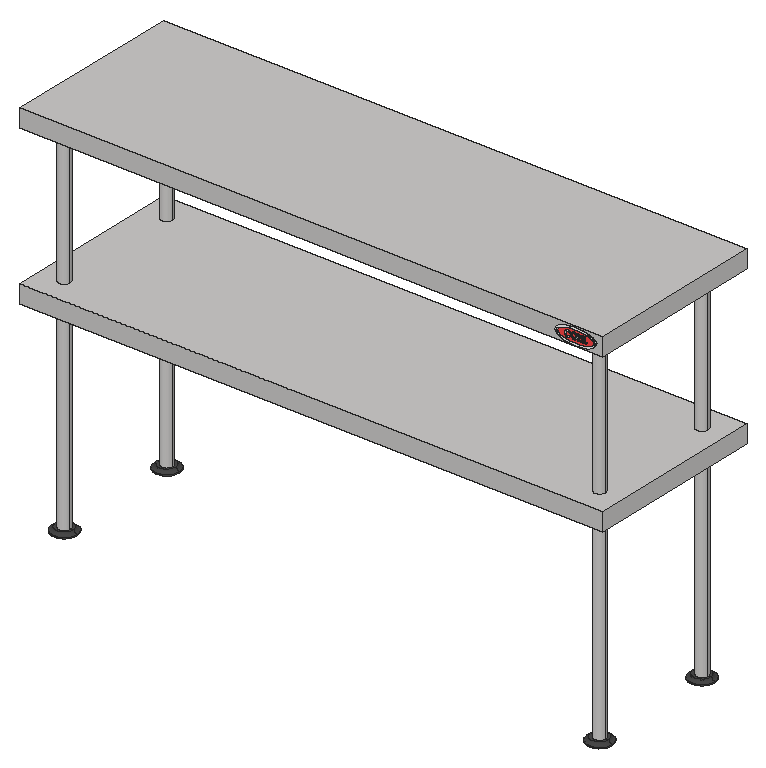
Revit family "QF_COZIL_PSC2-134", category Equipamento especial, Revit 2020
Family settings
  Cota do conector redondo = Utilizar diâmetro
  Tipo de parte = Normal
  Número OmniClass = 23.40.40.14
  Título OmniClass = Food Service Equipment
  Com base no plano de trabalho = Não
  Sempre na vertical = Sim
  Corte com vazios quando carregada = Não
  Compartilhado = Não
  Ponto de cálculo do ambiente = Não
Parameters (values of type "PSC2-134")
  Weight [instance] = 0.00 kg
  URL = "https://cozil.com.br/"
  Shelf  Thickness = 40.000 mm
  Second Shelf Height = 500.000 mm
  Modelo = "PSC2-134"
  Fabricante = "COZIL"
  Elevação padrão = 0.000 mm
  Descrição = "PRATELEIRA SUPERIOR LISA SOBRE MONTANTES"
  Type Comments = ""
  Masterspec [instance] = ""
  Length Actual = 1300.000 mm
  Identify Quantity as Lot [instance] = yes
  Height Actual = 850.000 mm
  Foodservice Equipment Identifier [instance] = yes
  Depth Actual = 400.000 mm
  CSI MasterFormat [instance] = ""
  Accessory [instance] = yes
Types (2, lengths in mm): name | Second Shelf Height
  (no name) | 460.000
  PSC2-134 | 500.000
Reference planes
  plane 1 "Centro (Frontal/Traseira)": y = 0
  plane 2: z = 0
  plane 3 "Centro (Esquerda/Direita)": x = 0
  plane 4: x = 650
  plane 5: y = 400
  plane 6: y = 342.7
  plane 7: y = 57.3
  plane 8: x = -650
  plane 9: x = -596.7
  plane 10: z = 500
  plane 11: z = 460
  plane 12: x = 596.7
  plane 13: z = 810
  plane 14: z = 850
Forms (mm)
  Extrusion 1, solid, material "QF_Stainless_Steel"
    sketch origin (-1562.01, -1503.5, 60) x (-1, 0, 0) y (0, -1, 0)
      loop
        circle (-965.31, -1846.2) r 12.7
      loop
        circle (-965.31, -1560.8) r 12.7
      loop
        circle (-2158.71, -1560.8) r 12.7
      loop
        circle (-2158.71, -1846.2) r 12.7
    from -52 to 750
  Extrusion 2, solid, material "QF_Stainless_Steel"
    sketch origin (0, -486.346, 810) x (-1, 0, 0) y (0, 1, 0)
      loop
        line (650, 886.346) -> (-650, 886.346) -> (-650, 486.346) -> (650, 486.346) -> (650, 886.346)
    from 0 to -40
  Extrusion 3, solid, material "QF_Stainless_Steel"
    sketch origin (4267.2, 808.306, 460) x (1, 0, 0) y (0, -1, 0)
      loop
        line (-4917.2, 408.306) -> (-3617.2, 408.306) -> (-3617.2, 808.306) -> (-4917.2, 808.306) -> (-4917.2, 408.306)
    from 0 to -40
Cuts and joins
  joined: Extrusion 1, Extrusion 3
Lines and regions (mm)
  symbolic lines
    curve 1: line (-650, 400, 0) -> (650, 400, 0)
    curve 2: line (650, 400, 0) -> (650, 0, 0)
    curve 3: line (650, 0, 0) -> (-650, 0, 0)
    curve 4: line (-650, 0, 0) -> (-650, 400, 0)
Dimensions and locks
  "Depth Actual": plane 1 "Centro (Frontal/Traseira)" to plane 5
  equal spacing: plane 8, plane 3 "Centro (Esquerda/Direita)", plane 4
  "Length Actual": plane 8 to plane 4
  locked: plane 1 "Centro (Frontal/Traseira)" to plane 7 at 57.3
  plane 12 to plane 4 = 53.300 mm
  "Height Actual": level to plane 14
  locked: plane 12 to plane 4 at 53.3
  locked: plane 8 to plane 9 at 53.3
  locked: nested 1 to plane 4 at 60
  locked: plane 6 to plane 5 at 57.3
  "Shelf  Thickness": plane 13 to plane 14
  "Second Shelf Height": plane 10 to level
  "Shelf  Thickness": plane 11 to plane 10
  locked: plane 14 to nested 1 at 13
  locked: Extrusion 1 sketch curve to plane 9  (x2)
  aligned and locked: level to plane 2
  aligned and locked: Extrusion 2 sketch curve to curve 1
  aligned and locked: Extrusion 2 sketch curve to curve 4
  aligned and locked: Extrusion 2 sketch curve to curve 3
  aligned and locked: Extrusion 2 sketch curve to curve 2
  aligned and locked: Extrusion 2 to plane 14
  aligned and locked: nested 4 to plane 9
  aligned and locked: plane 6 to nested 4
  aligned and locked: plane 6 to nested 5
  aligned and locked: nested 5 to plane 12
  aligned and locked: nested 3 to plane 12
  aligned and locked: plane 7 to nested 3
  aligned and locked: nested 2 to plane 9
  aligned and locked: plane 7 to nested 2
  aligned and locked: Extrusion 1 to plane 13
  aligned and locked: Extrusion 3 sketch curve to curve 1
  aligned and locked: Extrusion 3 sketch curve to curve 4
  aligned and locked: Extrusion 3 sketch curve to curve 3
  aligned and locked: Extrusion 3 sketch curve to curve 2
  aligned and locked: plane 10 to Extrusion 3
  aligned and locked: plane 11 to Extrusion 3
  aligned and locked: level to nested 3
  aligned and locked: cut or joined group of Extrusion 1, Extrusion 3 to nested 5
Automatic sketch dimensions
  plane 1 "Centro (Frontal/Traseira)" to curve 3 = 0.000 mm
  plane 5 to curve 2 = 0.000 mm
  curve 4 to plane 8 = 0.000 mm
  curve 3 to plane 4 = 0.000 mm
  plane 6 to Extrusion 1 sketch curve = 0.000 mm  (x2)
  plane 7 to Extrusion 1 sketch curve = 0.000 mm  (x2)
  Extrusion 1 sketch curve to plane 12 = 0.000 mm  (x2)
  radius of Extrusion 1 sketch curve = 12.700 mm  (x4)
Nested families
  nested 1: "LOGOTIPO COZIL" at (590, 0, 830.104), type "LOGOTIPO COZIL"
    with Weight 0.00 kg, Watts 0 W, Waste Water Discharge Temperature -273.15 °C, Waste Remarks "", Warranty Start Date "", Warranty Duration "", Volts 0 V, Volt Free Conn yes, Ventilation Remarks "", URL Recommended Spares List "", URL Manufacturer "", URL Cutsheet "", URL Critical Spares List "", Technical Documentation "", Tag Number "", Steam type "", Steam Supply Volume 0.0 L/s, Steam Supply Size 0 mm, Steam Supply RI Height 0.000 mm, Steam Supply Minimum Pressure 0.0 Pa, Steam Supply Maximum Pressure 0.0 Pa, Steam Supply Connection Height 0.000 mm, Steam Remarks "", Steam Pounds per Hour 0, Status "", Start Up Current 0 A, Specification by User "", Specification by Manufacturer "", Sound Level "", Solid Fuel Type "", Show Logo yes, Show Clearances yes, Service Life Duration "", Serial Number "", Sensible Heat Output 0 W, Seismic Rating "", SMACNA No "", Revision Code "", Revision "", Refrigeration Working Pressure 0.0 Pa, Refrigeration Suction Line Size 0 mm, Refrigeration Liquid Line Size 0 mm, Refrigeration Evaporation Temperature -273.15 °C, Refrigeration Energy Efficiency Index "", Refrigeration Defrost Drain yes, Refrigeration Climate Class "", Refrigerant Type "", Refrigerant Mass 0, Refrigerant Flow 0.0 L/s, Refrigerant Compressor Remote yes, Production Year "", Preheated Hot Water Temperature Recommended -273.15 °C, Preheated Hot Water Size 0 mm, Preheated Hot Water RI Height 0.000 mm, Preheated Hot Water Quality "", Preheated Hot Water Minimum Pressure 0.0 Pa, Preheated Hot Water Maximum Pressure 0.0 Pa, Preheated Hot Water Flow 0.0 L/s, Preheated Hot Water Connection Height 0.000 mm, Potential Equalisation yes, Point Load 0, Plumbing Remarks "", Plumbing Connection Type "", Phase 0, Other Equipment Approvals "", Operational Current 0 A, Odor Trap Included yes, Number of Poles 1, No Load Power Draw yes, National Water Regulation Certification yes, NAFEM Spec ID Number "", Model Warning "", Min Ckt Ampacity 0 A, Mechanical Remarks "", Mechanical Connection Type "", Max Overcurrent Protection 0 A, Masterspec "", Main switch integrated yes, MU Air Volume 0.0 L/s, MU Air Vent Width 0.000 mm, MU Air Vent Diameter 0.000 mm, MU Air Vent Depth 0.000 mm, MU Air Static Press 0.0 Pa, MU Air Speed at Spigot 0.0 L/s, MU Air RI Height 0.000 mm, Length Actual 0.000 mm, Latent Heat Output 0 W, Item Number "", Installed By "", Installation Date "", Ingress Protection Code "", Indirect Waste Size 0 mm, Indirect Waste Flow 0.0 L/s, Indirect Waste Connection Type "", Indirect Waste Connection Height 0.000 mm, Identify Quantity as Lot yes, ID "", Hygiene Approval "", Hot Water Temperature -273.15 °C, Hot Water Supply Temperature -273.15 °C, Hot Water Size 0 mm, Hot Water RI Height 0.000 mm, Hot Water Quality "", Hot Water Minimum Pressure 0.0 Pa, Hot Water Maximum Pressure 0.0 Pa, Hot Water Flow 0.0 L/s, Hot Water Consumption "", Hot Water Connection Height 0.000 mm, Height Actual 0.000 mm, HP "", Gas Size Flexible 0 mm, Gas Size Fixed 0 mm, Gas Size 0 mm, Gas RI Height 0.000 mm, Gas Input 0 W, Gas Flow 0.0 L/s, Gas Connection Height 0.000 mm, Furnished By "", Fuel Type "", Foodservice Equipment Identifier yes, Flue Type "", Filtered Treated Water Supply Size 0 mm, Filtered Treated Water Recommended Temperature -273.15 °C, Filtered Treated Water RI Height 0.000 mm, Filtered Treated Water Quality "", Filtered Treated Water Minimum Pressure 0.0 Pa, Filtered Treated Water Maximum Pressure 0.0 Pa, Filtered Treated Water Flow 0.0 L/s, Filtered Treated Water Consumption "", Filtered Treated Water Connection Height 0.000 mm, FL Amps 0 A, Exhaust Volume 0.0 L/s, Exhaust Vent Width 0.000 mm, Exhaust Vent Height 0.000 mm, Exhaust Vent Diameter 0.000 mm, Exhaust Vent Depth 0.000 mm, Exhaust Static Press 0.0 Pa, Exhaust Speed at Spigot 0.0 L/s, Exhaust RI Height 0.000 mm, Exhaust Air Temperature -273.15 °C, Exhaust Air Humidity 0, Energy Efficiency Labelling "", Electrical Remarks "", Electric Connection Type "", Elec Conn RI Height 0.000 mm, Elec Conn Connection Height 0.000 mm, Earth Leakage Switch necessary yes, Earth Leakage Switch Type "", ETL Approved yes, Direct Waste Size 0 mm, Direct Waste RI Height 0.000 mm, Direct Waste Flow 0.0 L/s, Direct Waste Connection Height 0.000 mm, Direct Heat Output 0 W, Digital Connectivity Description "", Depth Actual 0.000 mm, Cycle 0 Hz, Connection to energy optimisation system yes, Conn Plug "", Conn Conduit yes, Condensate Return Size 0 mm, Condensate Return RI Height 0.000 mm, Condensate Return Connection Height 0.000 mm, Compressed Air Volume 0.0 L/s, Compressed Air Size 0 mm, Compressed Air RI Height 0.000 mm, Compressed Air Quality "", Compressed Air Pressure 0.0 Pa, Compressed Air Connection Height 0.000 mm, Cold Water Temperature Recommended -273.15 °C, Cold Water Size 0 mm, Cold Water RI Height 0.000 mm, Cold Water Quality "", Cold Water Minimum Pressure 0.0 Pa, Cold Water Maximum Pressure 0.0 Pa, Cold Water Flow 0.0 L/s, Cold Water Consumption "", Cold Water Connection Height 0.000 mm, Chilled Water Temperature -273.15 °C, Chilled Water Supply Size 0 mm, Chilled Water Supply RI Height 0.000 mm, Chilled Water Supply Quality "", Chilled Water Supply Maximum Temperature -273.15 °C, Chilled Water Supply Connection Height 0.000 mm, Chilled Water Return Size 0 mm, Chilled Water Return RI Height 0.000 mm, Chilled Water Return Minimum Pressure 0.0 Pa, Chilled Water Return Maximum Pressure 0.0 Pa, Chilled Water Return Connection Height 0.000 mm, Chilled Water Minimum Pressure 0.0 Pa, Chilled Water Maximum Pressure 0.0 Pa, Chilled Water Flow 0.0 L/s, CSI MasterFormat "", CO2 Volume 0.0 L/s, CO2 Size 0 mm, CO2 RI Height 0.000 mm, CO2 Pressure 0.0 Pa, CO2 Connection Height 0.000 mm, CE Approved yes, Barcode "", BTUH 0 W, Author "", Asset Identifier "", Apparent Power 0 VA, Accessory yes, Ability for Digital Connectivity yes
  nested 2: "PE DE APOIO MONTANTE" at (-596.7, 57.3, 0), type "PE DE APOIO MONTANTE"
    with Weight 0.00 kg, Watts 0 W, Waste Water Discharge Temperature -273.15 °C, Waste Remarks "", Warranty Start Date "", Warranty Duration "", Volts 0 V, Volt Free Conn yes, Ventilation Remarks "", URL Recommended Spares List "", URL Manufacturer "", URL Cutsheet "", URL Critical Spares List "", Technical Documentation "", Tag Number "", Steam type "", Steam Supply Volume 0.0 L/s, Steam Supply Size 0 mm, Steam Supply RI Height 0.000 mm, Steam Supply Minimum Pressure 0.0 Pa, Steam Supply Maximum Pressure 0.0 Pa, Steam Supply Connection Height 0.000 mm, Steam Remarks "", Steam Pounds per Hour 0, Status "", Start Up Current 0 A, Specification by User "", Specification by Manufacturer "", Sound Level "", Solid Fuel Type "", Show Logo yes, Show Clearances yes, Service Life Duration "", Serial Number "", Sensible Heat Output 0 W, Seismic Rating "", SMACNA No "", Revision Code "", Revision "", Refrigeration Working Pressure 0.0 Pa, Refrigeration Suction Line Size 0 mm, Refrigeration Liquid Line Size 0 mm, Refrigeration Evaporation Temperature -273.15 °C, Refrigeration Energy Efficiency Index "", Refrigeration Defrost Drain yes, Refrigeration Climate Class "", Refrigerant Type "", Refrigerant Mass 0, Refrigerant Flow 0.0 L/s, Refrigerant Compressor Remote yes, Production Year "", Preheated Hot Water Temperature Recommended -273.15 °C, Preheated Hot Water Size 0 mm, Preheated Hot Water RI Height 0.000 mm, Preheated Hot Water Quality "", Preheated Hot Water Minimum Pressure 0.0 Pa, Preheated Hot Water Maximum Pressure 0.0 Pa, Preheated Hot Water Flow 0.0 L/s, Preheated Hot Water Connection Height 0.000 mm, Potential Equalisation yes, Point Load 0, Plumbing Remarks "", Plumbing Connection Type "", Phase 0, Other Equipment Approvals "", Operational Current 0 A, Odor Trap Included yes, Number of Poles 1, No Load Power Draw yes, National Water Regulation Certification yes, NAFEM Spec ID Number "", Model Warning "", Min Ckt Ampacity 0 A, Mechanical Remarks "", Mechanical Connection Type "", Max Overcurrent Protection 0 A, Masterspec "", Main switch integrated yes, MU Air Volume 0.0 L/s, MU Air Vent Width 0.000 mm, MU Air Vent Diameter 0.000 mm, MU Air Vent Depth 0.000 mm, MU Air Static Press 0.0 Pa, MU Air Speed at Spigot 0.0 L/s, MU Air RI Height 0.000 mm, Length Actual 0.000 mm, Latent Heat Output 0 W, Item Number "", Installed By "", Installation Date "", Ingress Protection Code "", Indirect Waste Size 0 mm, Indirect Waste Flow 0.0 L/s, Indirect Waste Connection Type "", Indirect Waste Connection Height 0.000 mm, Identify Quantity as Lot yes, ID "", Hygiene Approval "", Hot Water Temperature -273.15 °C, Hot Water Supply Temperature -273.15 °C, Hot Water Size 0 mm, Hot Water RI Height 0.000 mm, Hot Water Quality "", Hot Water Minimum Pressure 0.0 Pa, Hot Water Maximum Pressure 0.0 Pa, Hot Water Flow 0.0 L/s, Hot Water Consumption "", Hot Water Connection Height 0.000 mm, Height Actual 0.000 mm, HP "", Gas Size Flexible 0 mm, Gas Size Fixed 0 mm, Gas Size 0 mm, Gas RI Height 0.000 mm, Gas Input 0 W, Gas Flow 0.0 L/s, Gas Connection Height 0.000 mm, Furnished By "", Fuel Type "", Foodservice Equipment Identifier yes, Flue Type "", Filtered Treated Water Supply Size 0 mm, Filtered Treated Water Recommended Temperature -273.15 °C, Filtered Treated Water RI Height 0.000 mm, Filtered Treated Water Quality "", Filtered Treated Water Minimum Pressure 0.0 Pa, Filtered Treated Water Maximum Pressure 0.0 Pa, Filtered Treated Water Flow 0.0 L/s, Filtered Treated Water Consumption "", Filtered Treated Water Connection Height 0.000 mm, FL Amps 0 A, Exhaust Volume 0.0 L/s, Exhaust Vent Width 0.000 mm, Exhaust Vent Height 0.000 mm, Exhaust Vent Diameter 0.000 mm, Exhaust Vent Depth 0.000 mm, Exhaust Static Press 0.0 Pa, Exhaust Speed at Spigot 0.0 L/s, Exhaust RI Height 0.000 mm, Exhaust Air Temperature -273.15 °C, Exhaust Air Humidity 0, Energy Efficiency Labelling "", Electrical Remarks "", Electric Connection Type "", Elec Conn RI Height 0.000 mm, Elec Conn Connection Height 0.000 mm, Earth Leakage Switch necessary yes, Earth Leakage Switch Type "", ETL Approved yes, Direct Waste Size 0 mm, Direct Waste RI Height 0.000 mm, Direct Waste Flow 0.0 L/s, Direct Waste Connection Height 0.000 mm, Direct Heat Output 0 W, Digital Connectivity Description "", Depth Actual 0.000 mm, Cycle 0 Hz, Connection to energy optimisation system yes, Conn Plug "", Conn Conduit yes, Condensate Return Size 0 mm, Condensate Return RI Height 0.000 mm, Condensate Return Connection Height 0.000 mm, Compressed Air Volume 0.0 L/s, Compressed Air Size 0 mm, Compressed Air RI Height 0.000 mm, Compressed Air Quality "", Compressed Air Pressure 0.0 Pa, Compressed Air Connection Height 0.000 mm, Cold Water Temperature Recommended -273.15 °C, Cold Water Size 0 mm, Cold Water RI Height 0.000 mm, Cold Water Quality "", Cold Water Minimum Pressure 0.0 Pa, Cold Water Maximum Pressure 0.0 Pa, Cold Water Flow 0.0 L/s, Cold Water Consumption "", Cold Water Connection Height 0.000 mm, Chilled Water Temperature -273.15 °C, Chilled Water Supply Size 0 mm, Chilled Water Supply RI Height 0.000 mm, Chilled Water Supply Quality "", Chilled Water Supply Maximum Temperature -273.15 °C, Chilled Water Supply Connection Height 0.000 mm, Chilled Water Return Size 0 mm, Chilled Water Return RI Height 0.000 mm, Chilled Water Return Minimum Pressure 0.0 Pa, Chilled Water Return Maximum Pressure 0.0 Pa, Chilled Water Return Connection Height 0.000 mm, Chilled Water Minimum Pressure 0.0 Pa, Chilled Water Maximum Pressure 0.0 Pa, Chilled Water Flow 0.0 L/s, CSI MasterFormat "", CO2 Volume 0.0 L/s, CO2 Size 0 mm, CO2 RI Height 0.000 mm, CO2 Pressure 0.0 Pa, CO2 Connection Height 0.000 mm, CE Approved yes, Barcode "", BTUH 0 W, Author "", Asset Identifier "", Apparent Power 0 VA, Accessory yes, Ability for Digital Connectivity yes
  nested 3: "PE DE APOIO MONTANTE" at (596.7, 57.3, 0), type "PE DE APOIO MONTANTE"
    with Weight 0.00 kg, Watts 0 W, Waste Water Discharge Temperature -273.15 °C, Waste Remarks "", Warranty Start Date "", Warranty Duration "", Volts 0 V, Volt Free Conn yes, Ventilation Remarks "", URL Recommended Spares List "", URL Manufacturer "", URL Cutsheet "", URL Critical Spares List "", Technical Documentation "", Tag Number "", Steam type "", Steam Supply Volume 0.0 L/s, Steam Supply Size 0 mm, Steam Supply RI Height 0.000 mm, Steam Supply Minimum Pressure 0.0 Pa, Steam Supply Maximum Pressure 0.0 Pa, Steam Supply Connection Height 0.000 mm, Steam Remarks "", Steam Pounds per Hour 0, Status "", Start Up Current 0 A, Specification by User "", Specification by Manufacturer "", Sound Level "", Solid Fuel Type "", Show Logo yes, Show Clearances yes, Service Life Duration "", Serial Number "", Sensible Heat Output 0 W, Seismic Rating "", SMACNA No "", Revision Code "", Revision "", Refrigeration Working Pressure 0.0 Pa, Refrigeration Suction Line Size 0 mm, Refrigeration Liquid Line Size 0 mm, Refrigeration Evaporation Temperature -273.15 °C, Refrigeration Energy Efficiency Index "", Refrigeration Defrost Drain yes, Refrigeration Climate Class "", Refrigerant Type "", Refrigerant Mass 0, Refrigerant Flow 0.0 L/s, Refrigerant Compressor Remote yes, Production Year "", Preheated Hot Water Temperature Recommended -273.15 °C, Preheated Hot Water Size 0 mm, Preheated Hot Water RI Height 0.000 mm, Preheated Hot Water Quality "", Preheated Hot Water Minimum Pressure 0.0 Pa, Preheated Hot Water Maximum Pressure 0.0 Pa, Preheated Hot Water Flow 0.0 L/s, Preheated Hot Water Connection Height 0.000 mm, Potential Equalisation yes, Point Load 0, Plumbing Remarks "", Plumbing Connection Type "", Phase 0, Other Equipment Approvals "", Operational Current 0 A, Odor Trap Included yes, Number of Poles 1, No Load Power Draw yes, National Water Regulation Certification yes, NAFEM Spec ID Number "", Model Warning "", Min Ckt Ampacity 0 A, Mechanical Remarks "", Mechanical Connection Type "", Max Overcurrent Protection 0 A, Masterspec "", Main switch integrated yes, MU Air Volume 0.0 L/s, MU Air Vent Width 0.000 mm, MU Air Vent Diameter 0.000 mm, MU Air Vent Depth 0.000 mm, MU Air Static Press 0.0 Pa, MU Air Speed at Spigot 0.0 L/s, MU Air RI Height 0.000 mm, Length Actual 0.000 mm, Latent Heat Output 0 W, Item Number "", Installed By "", Installation Date "", Ingress Protection Code "", Indirect Waste Size 0 mm, Indirect Waste Flow 0.0 L/s, Indirect Waste Connection Type "", Indirect Waste Connection Height 0.000 mm, Identify Quantity as Lot yes, ID "", Hygiene Approval "", Hot Water Temperature -273.15 °C, Hot Water Supply Temperature -273.15 °C, Hot Water Size 0 mm, Hot Water RI Height 0.000 mm, Hot Water Quality "", Hot Water Minimum Pressure 0.0 Pa, Hot Water Maximum Pressure 0.0 Pa, Hot Water Flow 0.0 L/s, Hot Water Consumption "", Hot Water Connection Height 0.000 mm, Height Actual 0.000 mm, HP "", Gas Size Flexible 0 mm, Gas Size Fixed 0 mm, Gas Size 0 mm, Gas RI Height 0.000 mm, Gas Input 0 W, Gas Flow 0.0 L/s, Gas Connection Height 0.000 mm, Furnished By "", Fuel Type "", Foodservice Equipment Identifier yes, Flue Type "", Filtered Treated Water Supply Size 0 mm, Filtered Treated Water Recommended Temperature -273.15 °C, Filtered Treated Water RI Height 0.000 mm, Filtered Treated Water Quality "", Filtered Treated Water Minimum Pressure 0.0 Pa, Filtered Treated Water Maximum Pressure 0.0 Pa, Filtered Treated Water Flow 0.0 L/s, Filtered Treated Water Consumption "", Filtered Treated Water Connection Height 0.000 mm, FL Amps 0 A, Exhaust Volume 0.0 L/s, Exhaust Vent Width 0.000 mm, Exhaust Vent Height 0.000 mm, Exhaust Vent Diameter 0.000 mm, Exhaust Vent Depth 0.000 mm, Exhaust Static Press 0.0 Pa, Exhaust Speed at Spigot 0.0 L/s, Exhaust RI Height 0.000 mm, Exhaust Air Temperature -273.15 °C, Exhaust Air Humidity 0, Energy Efficiency Labelling "", Electrical Remarks "", Electric Connection Type "", Elec Conn RI Height 0.000 mm, Elec Conn Connection Height 0.000 mm, Earth Leakage Switch necessary yes, Earth Leakage Switch Type "", ETL Approved yes, Direct Waste Size 0 mm, Direct Waste RI Height 0.000 mm, Direct Waste Flow 0.0 L/s, Direct Waste Connection Height 0.000 mm, Direct Heat Output 0 W, Digital Connectivity Description "", Depth Actual 0.000 mm, Cycle 0 Hz, Connection to energy optimisation system yes, Conn Plug "", Conn Conduit yes, Condensate Return Size 0 mm, Condensate Return RI Height 0.000 mm, Condensate Return Connection Height 0.000 mm, Compressed Air Volume 0.0 L/s, Compressed Air Size 0 mm, Compressed Air RI Height 0.000 mm, Compressed Air Quality "", Compressed Air Pressure 0.0 Pa, Compressed Air Connection Height 0.000 mm, Cold Water Temperature Recommended -273.15 °C, Cold Water Size 0 mm, Cold Water RI Height 0.000 mm, Cold Water Quality "", Cold Water Minimum Pressure 0.0 Pa, Cold Water Maximum Pressure 0.0 Pa, Cold Water Flow 0.0 L/s, Cold Water Consumption "", Cold Water Connection Height 0.000 mm, Chilled Water Temperature -273.15 °C, Chilled Water Supply Size 0 mm, Chilled Water Supply RI Height 0.000 mm, Chilled Water Supply Quality "", Chilled Water Supply Maximum Temperature -273.15 °C, Chilled Water Supply Connection Height 0.000 mm, Chilled Water Return Size 0 mm, Chilled Water Return RI Height 0.000 mm, Chilled Water Return Minimum Pressure 0.0 Pa, Chilled Water Return Maximum Pressure 0.0 Pa, Chilled Water Return Connection Height 0.000 mm, Chilled Water Minimum Pressure 0.0 Pa, Chilled Water Maximum Pressure 0.0 Pa, Chilled Water Flow 0.0 L/s, CSI MasterFormat "", CO2 Volume 0.0 L/s, CO2 Size 0 mm, CO2 RI Height 0.000 mm, CO2 Pressure 0.0 Pa, CO2 Connection Height 0.000 mm, CE Approved yes, Barcode "", BTUH 0 W, Author "", Asset Identifier "", Apparent Power 0 VA, Accessory yes, Ability for Digital Connectivity yes
  nested 4: "PE DE APOIO MONTANTE" at (-596.7, 342.7, 0), type "PE DE APOIO MONTANTE"
    with Weight 0.00 kg, Watts 0 W, Waste Water Discharge Temperature -273.15 °C, Waste Remarks "", Warranty Start Date "", Warranty Duration "", Volts 0 V, Volt Free Conn yes, Ventilation Remarks "", URL Recommended Spares List "", URL Manufacturer "", URL Cutsheet "", URL Critical Spares List "", Technical Documentation "", Tag Number "", Steam type "", Steam Supply Volume 0.0 L/s, Steam Supply Size 0 mm, Steam Supply RI Height 0.000 mm, Steam Supply Minimum Pressure 0.0 Pa, Steam Supply Maximum Pressure 0.0 Pa, Steam Supply Connection Height 0.000 mm, Steam Remarks "", Steam Pounds per Hour 0, Status "", Start Up Current 0 A, Specification by User "", Specification by Manufacturer "", Sound Level "", Solid Fuel Type "", Show Logo yes, Show Clearances yes, Service Life Duration "", Serial Number "", Sensible Heat Output 0 W, Seismic Rating "", SMACNA No "", Revision Code "", Revision "", Refrigeration Working Pressure 0.0 Pa, Refrigeration Suction Line Size 0 mm, Refrigeration Liquid Line Size 0 mm, Refrigeration Evaporation Temperature -273.15 °C, Refrigeration Energy Efficiency Index "", Refrigeration Defrost Drain yes, Refrigeration Climate Class "", Refrigerant Type "", Refrigerant Mass 0, Refrigerant Flow 0.0 L/s, Refrigerant Compressor Remote yes, Production Year "", Preheated Hot Water Temperature Recommended -273.15 °C, Preheated Hot Water Size 0 mm, Preheated Hot Water RI Height 0.000 mm, Preheated Hot Water Quality "", Preheated Hot Water Minimum Pressure 0.0 Pa, Preheated Hot Water Maximum Pressure 0.0 Pa, Preheated Hot Water Flow 0.0 L/s, Preheated Hot Water Connection Height 0.000 mm, Potential Equalisation yes, Point Load 0, Plumbing Remarks "", Plumbing Connection Type "", Phase 0, Other Equipment Approvals "", Operational Current 0 A, Odor Trap Included yes, Number of Poles 1, No Load Power Draw yes, National Water Regulation Certification yes, NAFEM Spec ID Number "", Model Warning "", Min Ckt Ampacity 0 A, Mechanical Remarks "", Mechanical Connection Type "", Max Overcurrent Protection 0 A, Masterspec "", Main switch integrated yes, MU Air Volume 0.0 L/s, MU Air Vent Width 0.000 mm, MU Air Vent Diameter 0.000 mm, MU Air Vent Depth 0.000 mm, MU Air Static Press 0.0 Pa, MU Air Speed at Spigot 0.0 L/s, MU Air RI Height 0.000 mm, Length Actual 0.000 mm, Latent Heat Output 0 W, Item Number "", Installed By "", Installation Date "", Ingress Protection Code "", Indirect Waste Size 0 mm, Indirect Waste Flow 0.0 L/s, Indirect Waste Connection Type "", Indirect Waste Connection Height 0.000 mm, Identify Quantity as Lot yes, ID "", Hygiene Approval "", Hot Water Temperature -273.15 °C, Hot Water Supply Temperature -273.15 °C, Hot Water Size 0 mm, Hot Water RI Height 0.000 mm, Hot Water Quality "", Hot Water Minimum Pressure 0.0 Pa, Hot Water Maximum Pressure 0.0 Pa, Hot Water Flow 0.0 L/s, Hot Water Consumption "", Hot Water Connection Height 0.000 mm, Height Actual 0.000 mm, HP "", Gas Size Flexible 0 mm, Gas Size Fixed 0 mm, Gas Size 0 mm, Gas RI Height 0.000 mm, Gas Input 0 W, Gas Flow 0.0 L/s, Gas Connection Height 0.000 mm, Furnished By "", Fuel Type "", Foodservice Equipment Identifier yes, Flue Type "", Filtered Treated Water Supply Size 0 mm, Filtered Treated Water Recommended Temperature -273.15 °C, Filtered Treated Water RI Height 0.000 mm, Filtered Treated Water Quality "", Filtered Treated Water Minimum Pressure 0.0 Pa, Filtered Treated Water Maximum Pressure 0.0 Pa, Filtered Treated Water Flow 0.0 L/s, Filtered Treated Water Consumption "", Filtered Treated Water Connection Height 0.000 mm, FL Amps 0 A, Exhaust Volume 0.0 L/s, Exhaust Vent Width 0.000 mm, Exhaust Vent Height 0.000 mm, Exhaust Vent Diameter 0.000 mm, Exhaust Vent Depth 0.000 mm, Exhaust Static Press 0.0 Pa, Exhaust Speed at Spigot 0.0 L/s, Exhaust RI Height 0.000 mm, Exhaust Air Temperature -273.15 °C, Exhaust Air Humidity 0, Energy Efficiency Labelling "", Electrical Remarks "", Electric Connection Type "", Elec Conn RI Height 0.000 mm, Elec Conn Connection Height 0.000 mm, Earth Leakage Switch necessary yes, Earth Leakage Switch Type "", ETL Approved yes, Direct Waste Size 0 mm, Direct Waste RI Height 0.000 mm, Direct Waste Flow 0.0 L/s, Direct Waste Connection Height 0.000 mm, Direct Heat Output 0 W, Digital Connectivity Description "", Depth Actual 0.000 mm, Cycle 0 Hz, Connection to energy optimisation system yes, Conn Plug "", Conn Conduit yes, Condensate Return Size 0 mm, Condensate Return RI Height 0.000 mm, Condensate Return Connection Height 0.000 mm, Compressed Air Volume 0.0 L/s, Compressed Air Size 0 mm, Compressed Air RI Height 0.000 mm, Compressed Air Quality "", Compressed Air Pressure 0.0 Pa, Compressed Air Connection Height 0.000 mm, Cold Water Temperature Recommended -273.15 °C, Cold Water Size 0 mm, Cold Water RI Height 0.000 mm, Cold Water Quality "", Cold Water Minimum Pressure 0.0 Pa, Cold Water Maximum Pressure 0.0 Pa, Cold Water Flow 0.0 L/s, Cold Water Consumption "", Cold Water Connection Height 0.000 mm, Chilled Water Temperature -273.15 °C, Chilled Water Supply Size 0 mm, Chilled Water Supply RI Height 0.000 mm, Chilled Water Supply Quality "", Chilled Water Supply Maximum Temperature -273.15 °C, Chilled Water Supply Connection Height 0.000 mm, Chilled Water Return Size 0 mm, Chilled Water Return RI Height 0.000 mm, Chilled Water Return Minimum Pressure 0.0 Pa, Chilled Water Return Maximum Pressure 0.0 Pa, Chilled Water Return Connection Height 0.000 mm, Chilled Water Minimum Pressure 0.0 Pa, Chilled Water Maximum Pressure 0.0 Pa, Chilled Water Flow 0.0 L/s, CSI MasterFormat "", CO2 Volume 0.0 L/s, CO2 Size 0 mm, CO2 RI Height 0.000 mm, CO2 Pressure 0.0 Pa, CO2 Connection Height 0.000 mm, CE Approved yes, Barcode "", BTUH 0 W, Author "", Asset Identifier "", Apparent Power 0 VA, Accessory yes, Ability for Digital Connectivity yes
  nested 5: "PE DE APOIO MONTANTE" at (596.7, 342.7, 0), type "PE DE APOIO MONTANTE"
    with Weight 0.00 kg, Watts 0 W, Waste Water Discharge Temperature -273.15 °C, Waste Remarks "", Warranty Start Date "", Warranty Duration "", Volts 0 V, Volt Free Conn yes, Ventilation Remarks "", URL Recommended Spares List "", URL Manufacturer "", URL Cutsheet "", URL Critical Spares List "", Technical Documentation "", Tag Number "", Steam type "", Steam Supply Volume 0.0 L/s, Steam Supply Size 0 mm, Steam Supply RI Height 0.000 mm, Steam Supply Minimum Pressure 0.0 Pa, Steam Supply Maximum Pressure 0.0 Pa, Steam Supply Connection Height 0.000 mm, Steam Remarks "", Steam Pounds per Hour 0, Status "", Start Up Current 0 A, Specification by User "", Specification by Manufacturer "", Sound Level "", Solid Fuel Type "", Show Logo yes, Show Clearances yes, Service Life Duration "", Serial Number "", Sensible Heat Output 0 W, Seismic Rating "", SMACNA No "", Revision Code "", Revision "", Refrigeration Working Pressure 0.0 Pa, Refrigeration Suction Line Size 0 mm, Refrigeration Liquid Line Size 0 mm, Refrigeration Evaporation Temperature -273.15 °C, Refrigeration Energy Efficiency Index "", Refrigeration Defrost Drain yes, Refrigeration Climate Class "", Refrigerant Type "", Refrigerant Mass 0, Refrigerant Flow 0.0 L/s, Refrigerant Compressor Remote yes, Production Year "", Preheated Hot Water Temperature Recommended -273.15 °C, Preheated Hot Water Size 0 mm, Preheated Hot Water RI Height 0.000 mm, Preheated Hot Water Quality "", Preheated Hot Water Minimum Pressure 0.0 Pa, Preheated Hot Water Maximum Pressure 0.0 Pa, Preheated Hot Water Flow 0.0 L/s, Preheated Hot Water Connection Height 0.000 mm, Potential Equalisation yes, Point Load 0, Plumbing Remarks "", Plumbing Connection Type "", Phase 0, Other Equipment Approvals "", Operational Current 0 A, Odor Trap Included yes, Number of Poles 1, No Load Power Draw yes, National Water Regulation Certification yes, NAFEM Spec ID Number "", Model Warning "", Min Ckt Ampacity 0 A, Mechanical Remarks "", Mechanical Connection Type "", Max Overcurrent Protection 0 A, Masterspec "", Main switch integrated yes, MU Air Volume 0.0 L/s, MU Air Vent Width 0.000 mm, MU Air Vent Diameter 0.000 mm, MU Air Vent Depth 0.000 mm, MU Air Static Press 0.0 Pa, MU Air Speed at Spigot 0.0 L/s, MU Air RI Height 0.000 mm, Length Actual 0.000 mm, Latent Heat Output 0 W, Item Number "", Installed By "", Installation Date "", Ingress Protection Code "", Indirect Waste Size 0 mm, Indirect Waste Flow 0.0 L/s, Indirect Waste Connection Type "", Indirect Waste Connection Height 0.000 mm, Identify Quantity as Lot yes, ID "", Hygiene Approval "", Hot Water Temperature -273.15 °C, Hot Water Supply Temperature -273.15 °C, Hot Water Size 0 mm, Hot Water RI Height 0.000 mm, Hot Water Quality "", Hot Water Minimum Pressure 0.0 Pa, Hot Water Maximum Pressure 0.0 Pa, Hot Water Flow 0.0 L/s, Hot Water Consumption "", Hot Water Connection Height 0.000 mm, Height Actual 0.000 mm, HP "", Gas Size Flexible 0 mm, Gas Size Fixed 0 mm, Gas Size 0 mm, Gas RI Height 0.000 mm, Gas Input 0 W, Gas Flow 0.0 L/s, Gas Connection Height 0.000 mm, Furnished By "", Fuel Type "", Foodservice Equipment Identifier yes, Flue Type "", Filtered Treated Water Supply Size 0 mm, Filtered Treated Water Recommended Temperature -273.15 °C, Filtered Treated Water RI Height 0.000 mm, Filtered Treated Water Quality "", Filtered Treated Water Minimum Pressure 0.0 Pa, Filtered Treated Water Maximum Pressure 0.0 Pa, Filtered Treated Water Flow 0.0 L/s, Filtered Treated Water Consumption "", Filtered Treated Water Connection Height 0.000 mm, FL Amps 0 A, Exhaust Volume 0.0 L/s, Exhaust Vent Width 0.000 mm, Exhaust Vent Height 0.000 mm, Exhaust Vent Diameter 0.000 mm, Exhaust Vent Depth 0.000 mm, Exhaust Static Press 0.0 Pa, Exhaust Speed at Spigot 0.0 L/s, Exhaust RI Height 0.000 mm, Exhaust Air Temperature -273.15 °C, Exhaust Air Humidity 0, Energy Efficiency Labelling "", Electrical Remarks "", Electric Connection Type "", Elec Conn RI Height 0.000 mm, Elec Conn Connection Height 0.000 mm, Earth Leakage Switch necessary yes, Earth Leakage Switch Type "", ETL Approved yes, Direct Waste Size 0 mm, Direct Waste RI Height 0.000 mm, Direct Waste Flow 0.0 L/s, Direct Waste Connection Height 0.000 mm, Direct Heat Output 0 W, Digital Connectivity Description "", Depth Actual 0.000 mm, Cycle 0 Hz, Connection to energy optimisation system yes, Conn Plug "", Conn Conduit yes, Condensate Return Size 0 mm, Condensate Return RI Height 0.000 mm, Condensate Return Connection Height 0.000 mm, Compressed Air Volume 0.0 L/s, Compressed Air Size 0 mm, Compressed Air RI Height 0.000 mm, Compressed Air Quality "", Compressed Air Pressure 0.0 Pa, Compressed Air Connection Height 0.000 mm, Cold Water Temperature Recommended -273.15 °C, Cold Water Size 0 mm, Cold Water RI Height 0.000 mm, Cold Water Quality "", Cold Water Minimum Pressure 0.0 Pa, Cold Water Maximum Pressure 0.0 Pa, Cold Water Flow 0.0 L/s, Cold Water Consumption "", Cold Water Connection Height 0.000 mm, Chilled Water Temperature -273.15 °C, Chilled Water Supply Size 0 mm, Chilled Water Supply RI Height 0.000 mm, Chilled Water Supply Quality "", Chilled Water Supply Maximum Temperature -273.15 °C, Chilled Water Supply Connection Height 0.000 mm, Chilled Water Return Size 0 mm, Chilled Water Return RI Height 0.000 mm, Chilled Water Return Minimum Pressure 0.0 Pa, Chilled Water Return Maximum Pressure 0.0 Pa, Chilled Water Return Connection Height 0.000 mm, Chilled Water Minimum Pressure 0.0 Pa, Chilled Water Maximum Pressure 0.0 Pa, Chilled Water Flow 0.0 L/s, CSI MasterFormat "", CO2 Volume 0.0 L/s, CO2 Size 0 mm, CO2 RI Height 0.000 mm, CO2 Pressure 0.0 Pa, CO2 Connection Height 0.000 mm, CE Approved yes, Barcode "", BTUH 0 W, Author "", Asset Identifier "", Apparent Power 0 VA, Accessory yes, Ability for Digital Connectivity yes
Definition of nested family "LOGOTIPO COZIL"
  Parameters (values of type "LOGOTIPO COZIL")
    Weight [instance] = 0.00 kg
    Watts [instance] = 0 W
    Waste Water Discharge Temperature [instance] = -273.15 °C
    Waste Remarks [instance] = ""
    Warranty Start Date [instance] = ""
    Warranty Duration [instance] = ""
    Volts [instance] = 0 V
    Volt Free Conn [instance] = yes
    Ventilation Remarks [instance] = ""
    URL Recommended Spares List [instance] = ""
    URL Manufacturer [instance] = ""
    URL Cutsheet [instance] = ""
    URL Critical Spares List [instance] = ""
    Default Elevation = 0.000 mm
    Type Comments = "USA_IFSE_SharedParameters_Dummy_V07_21"
    Technical Documentation [instance] = ""
    Tag Number [instance] = ""
    Steam type [instance] = ""
    Steam Supply Volume [instance] = 0.0 L/s
    Steam Supply Size [instance] = 0 mm
    Steam Supply RI Height [instance] = 0.000 mm
    Steam Supply Minimum Pressure [instance] = 0.0 Pa
    Steam Supply Maximum Pressure [instance] = 0.0 Pa
    Steam Supply Connection Height [instance] = 0.000 mm
    Steam Remarks [instance] = ""
    Steam Pounds per Hour [instance] = 0
    Status [instance] = ""
    Start Up Current [instance] = 0 A
    Specification by User [instance] = ""
    Specification by Manufacturer [instance] = ""
    Sound Level [instance] = ""
    Solid Fuel Type [instance] = ""
    Show Logo [instance] = yes
    Show Clearances [instance] = yes
    Service Life Duration [instance] = ""
    Serial Number [instance] = ""
    Sensible Heat Output [instance] = 0 W
    Seismic Rating [instance] = ""
    SMACNA No [instance] = ""
    Revision Code [instance] = ""
    Revision [instance] = ""
    Refrigeration Working Pressure [instance] = 0.0 Pa
    Refrigeration Suction Line Size [instance] = 0 mm
    Refrigeration Liquid Line Size [instance] = 0 mm
    Refrigeration Evaporation Temperature [instance] = -273.15 °C
    Refrigeration Energy Efficiency Index [instance] = ""
    Refrigeration Defrost Drain [instance] = yes
    Refrigeration Climate Class [instance] = ""
    Refrigerant Type [instance] = ""
    Refrigerant Mass [instance] = 0
    Refrigerant Flow [instance] = 0.0 L/s
    Refrigerant Compressor Remote [instance] = yes
    Production Year [instance] = ""
    Preheated Hot Water Temperature Recommended [instance] = -273.15 °C
    Preheated Hot Water Size [instance] = 0 mm
    Preheated Hot Water RI Height [instance] = 0.000 mm
    Preheated Hot Water Quality [instance] = ""
    Preheated Hot Water Minimum Pressure [instance] = 0.0 Pa
    Preheated Hot Water Maximum Pressure [instance] = 0.0 Pa
    Preheated Hot Water Flow [instance] = 0.0 L/s
    Preheated Hot Water Connection Height [instance] = 0.000 mm
    Potential Equalisation [instance] = yes
    Point Load [instance] = 0
    Plumbing Remarks [instance] = ""
    Plumbing Connection Type [instance] = ""
    Phase [instance] = 0
    Other Equipment Approvals [instance] = ""
    Operational Current [instance] = 0 A
    Odor Trap Included [instance] = yes
    Number of Poles [instance] = 1
    No Load Power Draw [instance] = yes
    National Water Regulation Certification [instance] = yes
    NAFEM Spec ID Number [instance] = ""
    Model Warning [instance] = ""
    Min Ckt Ampacity [instance] = 0 A
    Mechanical Remarks [instance] = ""
    Mechanical Connection Type [instance] = ""
    Max Overcurrent Protection [instance] = 0 A
    Masterspec [instance] = ""
    Main switch integrated [instance] = yes
    MU Air Volume [instance] = 0.0 L/s
    MU Air Vent Width [instance] = 0.000 mm
    MU Air Vent Diameter [instance] = 0.000 mm
    MU Air Vent Depth [instance] = 0.000 mm
    MU Air Static Press [instance] = 0.0 Pa
    MU Air Speed at Spigot [instance] = 0.0 L/s
    MU Air RI Height [instance] = 0.000 mm
    Length Actual [instance] = 0.000 mm
    Latent Heat Output [instance] = 0 W
    Item Number [instance] = ""
    Installed By [instance] = ""
    Installation Date [instance] = ""
    Ingress Protection Code [instance] = ""
    Indirect Waste Size [instance] = 0 mm
    Indirect Waste Flow [instance] = 0.0 L/s
    Indirect Waste Connection Type [instance] = ""
    Indirect Waste Connection Height [instance] = 0.000 mm
    Identify Quantity as Lot [instance] = yes
    ID [instance] = ""
    Hygiene Approval [instance] = ""
    Hot Water Temperature [instance] = -273.15 °C
    Hot Water Supply Temperature [instance] = -273.15 °C
    Hot Water Size [instance] = 0 mm
    Hot Water RI Height [instance] = 0.000 mm
    Hot Water Quality [instance] = ""
    Hot Water Minimum Pressure [instance] = 0.0 Pa
    Hot Water Maximum Pressure [instance] = 0.0 Pa
    Hot Water Flow [instance] = 0.0 L/s
    Hot Water Consumption [instance] = ""
    Hot Water Connection Height [instance] = 0.000 mm
    Height Actual [instance] = 0.000 mm
    HP [instance] = ""
    Gas Size Flexible [instance] = 0 mm
    Gas Size Fixed [instance] = 0 mm
    Gas Size [instance] = 0 mm
    Gas RI Height [instance] = 0.000 mm
    Gas Input [instance] = 0 W
    Gas Flow [instance] = 0.0 L/s
    Gas Connection Height [instance] = 0.000 mm
    Furnished By [instance] = ""
    Fuel Type [instance] = ""
    Foodservice Equipment Identifier [instance] = yes
    Flue Type [instance] = ""
    Filtered Treated Water Supply Size [instance] = 0 mm
    Filtered Treated Water Recommended Temperature [instance] = -273.15 °C
    Filtered Treated Water RI Height [instance] = 0.000 mm
    Filtered Treated Water Quality [instance] = ""
    Filtered Treated Water Minimum Pressure [instance] = 0.0 Pa
    Filtered Treated Water Maximum Pressure [instance] = 0.0 Pa
    Filtered Treated Water Flow [instance] = 0.0 L/s
    Filtered Treated Water Consumption [instance] = ""
    Filtered Treated Water Connection Height [instance] = 0.000 mm
    FL Amps [instance] = 0 A
    Exhaust Volume [instance] = 0.0 L/s
    Exhaust Vent Width [instance] = 0.000 mm
    Exhaust Vent Height [instance] = 0.000 mm
    Exhaust Vent Diameter [instance] = 0.000 mm
    Exhaust Vent Depth [instance] = 0.000 mm
    Exhaust Static Press [instance] = 0.0 Pa
    Exhaust Speed at Spigot [instance] = 0.0 L/s
    Exhaust RI Height [instance] = 0.000 mm
    Exhaust Air Temperature [instance] = -273.15 °C
    Exhaust Air Humidity [instance] = 0
    Energy Efficiency Labelling [instance] = ""
    Electrical Remarks [instance] = ""
    Electric Connection Type [instance] = ""
    Elec Conn RI Height [instance] = 0.000 mm
    Elec Conn Connection Height [instance] = 0.000 mm
    Earth Leakage Switch necessary [instance] = yes
    Earth Leakage Switch Type [instance] = ""
    ETL Approved [instance] = yes
    Direct Waste Size [instance] = 0 mm
    Direct Waste RI Height [instance] = 0.000 mm
    Direct Waste Flow [instance] = 0.0 L/s
    Direct Waste Connection Height [instance] = 0.000 mm
    Direct Heat Output [instance] = 0 W
    Digital Connectivity Description [instance] = ""
    Depth Actual [instance] = 0.000 mm
    Cycle [instance] = 0 Hz
    Connection to energy optimisation system [instance] = yes
    Conn Plug [instance] = ""
    Conn Conduit [instance] = yes
    Condensate Return Size [instance] = 0 mm
    Condensate Return RI Height [instance] = 0.000 mm
    Condensate Return Connection Height [instance] = 0.000 mm
    Compressed Air Volume [instance] = 0.0 L/s
    Compressed Air Size [instance] = 0 mm
    Compressed Air RI Height [instance] = 0.000 mm
    Compressed Air Quality [instance] = ""
    Compressed Air Pressure [instance] = 0.0 Pa
    Compressed Air Connection Height [instance] = 0.000 mm
    Cold Water Temperature Recommended [instance] = -273.15 °C
    Cold Water Size [instance] = 0 mm
    Cold Water RI Height [instance] = 0.000 mm
    Cold Water Quality [instance] = ""
    Cold Water Minimum Pressure [instance] = 0.0 Pa
    Cold Water Maximum Pressure [instance] = 0.0 Pa
    Cold Water Flow [instance] = 0.0 L/s
    Cold Water Consumption [instance] = ""
    Cold Water Connection Height [instance] = 0.000 mm
    Chilled Water Temperature [instance] = -273.15 °C
    Chilled Water Supply Size [instance] = 0 mm
    Chilled Water Supply RI Height [instance] = 0.000 mm
    Chilled Water Supply Quality [instance] = ""
    Chilled Water Supply Maximum Temperature [instance] = -273.15 °C
    Chilled Water Supply Connection Height [instance] = 0.000 mm
    Chilled Water Return Size [instance] = 0 mm
    Chilled Water Return RI Height [instance] = 0.000 mm
    Chilled Water Return Minimum Pressure [instance] = 0.0 Pa
    Chilled Water Return Maximum Pressure [instance] = 0.0 Pa
    Chilled Water Return Connection Height [instance] = 0.000 mm
    Chilled Water Minimum Pressure [instance] = 0.0 Pa
    Chilled Water Maximum Pressure [instance] = 0.0 Pa
    Chilled Water Flow [instance] = 0.0 L/s
    CSI MasterFormat [instance] = ""
    CO2 Volume [instance] = 0.0 L/s
    CO2 Size [instance] = 0 mm
    CO2 RI Height [instance] = 0.000 mm
    CO2 Pressure [instance] = 0.0 Pa
    CO2 Connection Height [instance] = 0.000 mm
    CE Approved [instance] = yes
    Barcode [instance] = ""
    BTUH [instance] = 0 W
    Author [instance] = ""
    Asset Identifier [instance] = ""
    Apparent Power [instance] = 0 VA
    Accessory [instance] = yes
    Ability for Digital Connectivity [instance] = yes
  Reference planes
    plane 1 "Centro (Frontal/Traseira)": y = 0
    plane 2: z = 0
    plane 3 "Centro (Esquerda/Direita)": x = 0
  Forms (mm)
    Extrusion 1, solid
      sketch origin (0, 0, 0) x (1, 0, 0) y (0, 0, 1)
        loop
          spline (-45, 0) -> (-43.467, -4.529) -> (-38.971, -8.75) -> (-31.82, -12.374) -> (-22.5, -15.155) -> (-11.647, -16.904) -> (0, -17.5) -> (11.647, -16.904) -> (22.5, -15.155) -> (31.82, -12.374) -> (38.971, -8.75) -> (43.467, -4.529) -> (45, 0)
          spline (45, 0) -> (43.467, 4.529) -> (38.971, 8.75) -> (31.82, 12.374) -> (22.5, 15.155) -> (11.647, 16.904) -> (0, 17.5) -> (-11.647, 16.904) -> (-22.5, 15.155) -> (-31.82, 12.374) -> (-38.971, 8.75) -> (-43.467, 4.529) -> (-45, 0)
        loop
          spline (-41.75, 0) -> (-40.327, -3.753) -> (-36.157, -7.25) -> (-29.522, -10.253) -> (-20.875, -12.557) -> (-10.806, -14.006) -> (0, -14.5) -> (10.806, -14.006) -> (20.875, -12.557) -> (29.522, -10.253) -> (36.157, -7.25) -> (40.327, -3.753) -> (41.75, 0)
          spline (41.75, 0) -> (40.327, 3.753) -> (36.157, 7.25) -> (29.522, 10.253) -> (20.875, 12.557) -> (10.806, 14.006) -> (0, 14.5) -> (-10.806, 14.006) -> (-20.875, 12.557) -> (-29.522, 10.253) -> (-36.157, 7.25) -> (-40.327, 3.753) -> (-41.75, 0)
      from 0 to 2
    Extrusion 2, solid
      sketch origin (0, 0, 0) x (-1, 0, 0) y (0, 0, 1)
        loop
          spline (41.75, 0) -> (40.327, 3.882) -> (36.157, 7.5) -> (29.522, 10.607) -> (20.875, 12.99) -> (10.806, 14.489) -> (0, 15) -> (-10.806, 14.489) -> (-20.875, 12.99) -> (-29.522, 10.607) -> (-36.157, 7.5) -> (-40.327, 3.882) -> (-41.75, 0)
          spline (-41.75, 0) -> (-40.327, -3.882) -> (-36.157, -7.5) -> (-29.522, -10.607) -> (-20.875, -12.99) -> (-10.806, -14.489) -> (0, -15) -> (10.806, -14.489) -> (20.875, -12.99) -> (29.522, -10.607) -> (36.157, -7.5) -> (40.327, -3.882) -> (41.75, 0)
      from 0 to -1
    Extrusion 3, solid
      sketch origin (0, -1, 0) x (1, 0, 0) y (0, 0, 1)
        loop
          arc (-11.8, 4.399) -> (-24.195, 0.448) -> (-11.8, -3.503) r 6.827
          line (-11.8, -3.503) -> (-12.739, -2.836)
          arc (-12.739, -2.836) -> (-23.043, 0.453) -> (-12.739, 3.742) r 5.677
          line (-12.739, 3.742) -> (-11.8, 4.399)
        loop
          circle (-2.983, 0.502) r 5.391
        loop
          circle (-3.017, 0.494) r 6.727
        loop
          line (5.619, 6.896) -> (5.619, 5.568) -> (10.428, 5.568) -> (5.083, -5.894) -> (12.102, -5.894) -> (12.102, -4.625) -> (6.889, -4.625) -> (12.261, 6.896) -> (5.619, 6.896)
        loop
          line (14.795, 6.811) -> (14.795, -5.894) -> (15.902, -5.894) -> (15.902, 6.811) -> (14.795, 6.811)
        loop
          line (19.177, 6.811) -> (19.177, -5.894) -> (25.229, -5.894) -> (25.229, -4.637) -> (20.303, -4.637) -> (20.303, 6.811) -> (19.177, 6.811)
      from 0 to 1
  Cuts and joins
    joined: Extrusion 1, Extrusion 3
  Dimensions and locks
    Extrusion 1 sketch curve to Extrusion 1 sketch curve = 90.000 mm
    Extrusion 1 sketch curve to Extrusion 1 sketch curve = 35.000 mm
    Extrusion 1 sketch curve to Extrusion 1 sketch curve = 83.500 mm
    Extrusion 1 sketch curve to Extrusion 1 sketch curve = 29.000 mm
    aligned and locked: level to plane 2
Definition of nested family "PE DE APOIO MONTANTE"
  Parameters (values of type "PE DE APOIO MONTANTE")
    Weight [instance] = 0.00 kg
    Watts [instance] = 0 W
    Waste Water Discharge Temperature [instance] = -273.15 °C
    Waste Remarks [instance] = ""
    Warranty Start Date [instance] = ""
    Warranty Duration [instance] = ""
    Volts [instance] = 0 V
    Volt Free Conn [instance] = yes
    Ventilation Remarks [instance] = ""
    URL Recommended Spares List [instance] = ""
    URL Manufacturer [instance] = ""
    URL Cutsheet [instance] = ""
    URL Critical Spares List [instance] = ""
    Default Elevation = 0.000 mm
    Type Comments = "USA_IFSE_SharedParameters_Dummy_V07_21"
    Technical Documentation [instance] = ""
    Tag Number [instance] = ""
    Steam type [instance] = ""
    Steam Supply Volume [instance] = 0.0 L/s
    Steam Supply Size [instance] = 0 mm
    Steam Supply RI Height [instance] = 0.000 mm
    Steam Supply Minimum Pressure [instance] = 0.0 Pa
    Steam Supply Maximum Pressure [instance] = 0.0 Pa
    Steam Supply Connection Height [instance] = 0.000 mm
    Steam Remarks [instance] = ""
    Steam Pounds per Hour [instance] = 0
    Status [instance] = ""
    Start Up Current [instance] = 0 A
    Specification by User [instance] = ""
    Specification by Manufacturer [instance] = ""
    Sound Level [instance] = ""
    Solid Fuel Type [instance] = ""
    Show Logo [instance] = yes
    Show Clearances [instance] = yes
    Service Life Duration [instance] = ""
    Serial Number [instance] = ""
    Sensible Heat Output [instance] = 0 W
    Seismic Rating [instance] = ""
    SMACNA No [instance] = ""
    Revision Code [instance] = ""
    Revision [instance] = ""
    Refrigeration Working Pressure [instance] = 0.0 Pa
    Refrigeration Suction Line Size [instance] = 0 mm
    Refrigeration Liquid Line Size [instance] = 0 mm
    Refrigeration Evaporation Temperature [instance] = -273.15 °C
    Refrigeration Energy Efficiency Index [instance] = ""
    Refrigeration Defrost Drain [instance] = yes
    Refrigeration Climate Class [instance] = ""
    Refrigerant Type [instance] = ""
    Refrigerant Mass [instance] = 0
    Refrigerant Flow [instance] = 0.0 L/s
    Refrigerant Compressor Remote [instance] = yes
    Production Year [instance] = ""
    Preheated Hot Water Temperature Recommended [instance] = -273.15 °C
    Preheated Hot Water Size [instance] = 0 mm
    Preheated Hot Water RI Height [instance] = 0.000 mm
    Preheated Hot Water Quality [instance] = ""
    Preheated Hot Water Minimum Pressure [instance] = 0.0 Pa
    Preheated Hot Water Maximum Pressure [instance] = 0.0 Pa
    Preheated Hot Water Flow [instance] = 0.0 L/s
    Preheated Hot Water Connection Height [instance] = 0.000 mm
    Potential Equalisation [instance] = yes
    Point Load [instance] = 0
    Plumbing Remarks [instance] = ""
    Plumbing Connection Type [instance] = ""
    Phase [instance] = 0
    Other Equipment Approvals [instance] = ""
    Operational Current [instance] = 0 A
    Odor Trap Included [instance] = yes
    Number of Poles [instance] = 1
    No Load Power Draw [instance] = yes
    National Water Regulation Certification [instance] = yes
    NAFEM Spec ID Number [instance] = ""
    Model Warning [instance] = ""
    Min Ckt Ampacity [instance] = 0 A
    Mechanical Remarks [instance] = ""
    Mechanical Connection Type [instance] = ""
    Max Overcurrent Protection [instance] = 0 A
    Masterspec [instance] = ""
    Main switch integrated [instance] = yes
    MU Air Volume [instance] = 0.0 L/s
    MU Air Vent Width [instance] = 0.000 mm
    MU Air Vent Diameter [instance] = 0.000 mm
    MU Air Vent Depth [instance] = 0.000 mm
    MU Air Static Press [instance] = 0.0 Pa
    MU Air Speed at Spigot [instance] = 0.0 L/s
    MU Air RI Height [instance] = 0.000 mm
    Length Actual [instance] = 0.000 mm
    Latent Heat Output [instance] = 0 W
    Item Number [instance] = ""
    Installed By [instance] = ""
    Installation Date [instance] = ""
    Ingress Protection Code [instance] = ""
    Indirect Waste Size [instance] = 0 mm
    Indirect Waste Flow [instance] = 0.0 L/s
    Indirect Waste Connection Type [instance] = ""
    Indirect Waste Connection Height [instance] = 0.000 mm
    Identify Quantity as Lot [instance] = yes
    ID [instance] = ""
    Hygiene Approval [instance] = ""
    Hot Water Temperature [instance] = -273.15 °C
    Hot Water Supply Temperature [instance] = -273.15 °C
    Hot Water Size [instance] = 0 mm
    Hot Water RI Height [instance] = 0.000 mm
    Hot Water Quality [instance] = ""
    Hot Water Minimum Pressure [instance] = 0.0 Pa
    Hot Water Maximum Pressure [instance] = 0.0 Pa
    Hot Water Flow [instance] = 0.0 L/s
    Hot Water Consumption [instance] = ""
    Hot Water Connection Height [instance] = 0.000 mm
    Height Actual [instance] = 0.000 mm
    HP [instance] = ""
    Gas Size Flexible [instance] = 0 mm
    Gas Size Fixed [instance] = 0 mm
    Gas Size [instance] = 0 mm
    Gas RI Height [instance] = 0.000 mm
    Gas Input [instance] = 0 W
    Gas Flow [instance] = 0.0 L/s
    Gas Connection Height [instance] = 0.000 mm
    Furnished By [instance] = ""
    Fuel Type [instance] = ""
    Foodservice Equipment Identifier [instance] = yes
    Flue Type [instance] = ""
    Filtered Treated Water Supply Size [instance] = 0 mm
    Filtered Treated Water Recommended Temperature [instance] = -273.15 °C
    Filtered Treated Water RI Height [instance] = 0.000 mm
    Filtered Treated Water Quality [instance] = ""
    Filtered Treated Water Minimum Pressure [instance] = 0.0 Pa
    Filtered Treated Water Maximum Pressure [instance] = 0.0 Pa
    Filtered Treated Water Flow [instance] = 0.0 L/s
    Filtered Treated Water Consumption [instance] = ""
    Filtered Treated Water Connection Height [instance] = 0.000 mm
    FL Amps [instance] = 0 A
    Exhaust Volume [instance] = 0.0 L/s
    Exhaust Vent Width [instance] = 0.000 mm
    Exhaust Vent Height [instance] = 0.000 mm
    Exhaust Vent Diameter [instance] = 0.000 mm
    Exhaust Vent Depth [instance] = 0.000 mm
    Exhaust Static Press [instance] = 0.0 Pa
    Exhaust Speed at Spigot [instance] = 0.0 L/s
    Exhaust RI Height [instance] = 0.000 mm
    Exhaust Air Temperature [instance] = -273.15 °C
    Exhaust Air Humidity [instance] = 0
    Energy Efficiency Labelling [instance] = ""
    Electrical Remarks [instance] = ""
    Electric Connection Type [instance] = ""
    Elec Conn RI Height [instance] = 0.000 mm
    Elec Conn Connection Height [instance] = 0.000 mm
    Earth Leakage Switch necessary [instance] = yes
    Earth Leakage Switch Type [instance] = ""
    ETL Approved [instance] = yes
    Direct Waste Size [instance] = 0 mm
    Direct Waste RI Height [instance] = 0.000 mm
    Direct Waste Flow [instance] = 0.0 L/s
    Direct Waste Connection Height [instance] = 0.000 mm
    Direct Heat Output [instance] = 0 W
    Digital Connectivity Description [instance] = ""
    Depth Actual [instance] = 0.000 mm
    Cycle [instance] = 0 Hz
    Connection to energy optimisation system [instance] = yes
    Conn Plug [instance] = ""
    Conn Conduit [instance] = yes
    Condensate Return Size [instance] = 0 mm
    Condensate Return RI Height [instance] = 0.000 mm
    Condensate Return Connection Height [instance] = 0.000 mm
    Compressed Air Volume [instance] = 0.0 L/s
    Compressed Air Size [instance] = 0 mm
    Compressed Air RI Height [instance] = 0.000 mm
    Compressed Air Quality [instance] = ""
    Compressed Air Pressure [instance] = 0.0 Pa
    Compressed Air Connection Height [instance] = 0.000 mm
    Cold Water Temperature Recommended [instance] = -273.15 °C
    Cold Water Size [instance] = 0 mm
    Cold Water RI Height [instance] = 0.000 mm
    Cold Water Quality [instance] = ""
    Cold Water Minimum Pressure [instance] = 0.0 Pa
    Cold Water Maximum Pressure [instance] = 0.0 Pa
    Cold Water Flow [instance] = 0.0 L/s
    Cold Water Consumption [instance] = ""
    Cold Water Connection Height [instance] = 0.000 mm
    Chilled Water Temperature [instance] = -273.15 °C
    Chilled Water Supply Size [instance] = 0 mm
    Chilled Water Supply RI Height [instance] = 0.000 mm
    Chilled Water Supply Quality [instance] = ""
    Chilled Water Supply Maximum Temperature [instance] = -273.15 °C
    Chilled Water Supply Connection Height [instance] = 0.000 mm
    Chilled Water Return Size [instance] = 0 mm
    Chilled Water Return RI Height [instance] = 0.000 mm
    Chilled Water Return Minimum Pressure [instance] = 0.0 Pa
    Chilled Water Return Maximum Pressure [instance] = 0.0 Pa
    Chilled Water Return Connection Height [instance] = 0.000 mm
    Chilled Water Minimum Pressure [instance] = 0.0 Pa
    Chilled Water Maximum Pressure [instance] = 0.0 Pa
    Chilled Water Flow [instance] = 0.0 L/s
    CSI MasterFormat [instance] = ""
    CO2 Volume [instance] = 0.0 L/s
    CO2 Size [instance] = 0 mm
    CO2 RI Height [instance] = 0.000 mm
    CO2 Pressure [instance] = 0.0 Pa
    CO2 Connection Height [instance] = 0.000 mm
    CE Approved [instance] = yes
    Barcode [instance] = ""
    BTUH [instance] = 0 W
    Author [instance] = ""
    Asset Identifier [instance] = ""
    Apparent Power [instance] = 0 VA
    Accessory [instance] = yes
    Ability for Digital Connectivity [instance] = yes
  Reference planes
    plane 1 "Centro (Frontal/Traseira)": y = 0
    plane 2: z = 0
    plane 3 "Centro (Esquerda/Direita)": x = 0
  Forms (mm)
    Revolve 1, solid
      sketch origin (0, 0, 0) x (1, 0, 0) y (0, 0, 1)
        loop
          line (0, 0) -> (28, 0) -> (28, 1.215)
          arc (28, 1.215) -> (22.872, 3.277) -> (20, 8) r 8.758
          line (20, 8) -> (0, 8) -> (0, 0)
        axis (0, 8) -> (0, 0)
      angle from 0 to 360
  Dimensions and locks
    aligned and locked: level to plane 2
